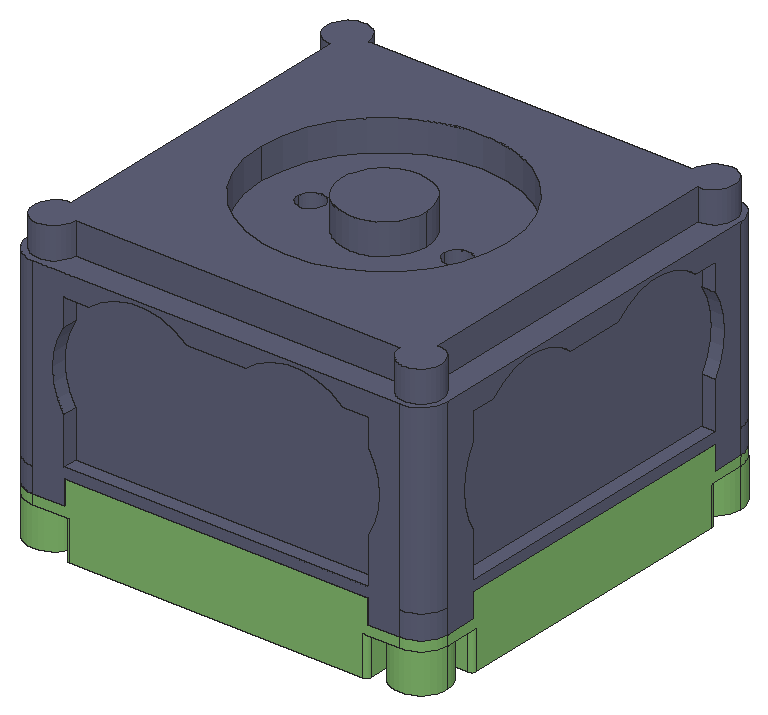
Revit family "E_Cable Junction Box_F_MEPcontent_Spelsberg_BS 1_INT-EN", category Electrical Fixtures, host Face, Revit 2017
Family settings
  Host = Face
  Maintain Annotation Orientation = Yes
  Round Connector Dimension = Use Diameter
  Part Type = Junction Box
  OmniClass Number = 23.80.30.14.24
  OmniClass Title = Junction Boxes
  Cut with Voids When Loaded = No
  Shared = No
  Room Calculation Point = No
Parameters (values of type "BS 1")
  Width = 86.000 mm
  Voltage = 230 V  # constant formula
  URL = ""
  Rotation W-Axis Total [instance] = [Rotation W-Axis Correction] + [Rotation W-Axis]  # 0.00°
  Rotation W-Axis Default Correction = 0.00°
  Rotation W-Axis Correction = 0.00°
  Rotation W-Axis [instance] = 0.00°
  Rotation V-Axis Total [instance] = [Rotation V-Axis Correction] + [Rotation V-Axis]  # 0.00°
  Rotation V-Axis Default Correction = 0.00°
  Rotation V-Axis Correction = 0.00°
  Rotation V-Axis [instance] = 0.00°
  Rotation U-Axis Total [instance] = [Rotation U-Axis Correction] + [Rotation U-Axis]  # 0.00°
  Rotation U-Axis Default Correction = 0.00°
  Rotation U-Axis Correction = 0.00°
  Rotation U-Axis [instance] = 0.00°
  Revit Version = "2017"  # constant formula
  Product Line = "Spelsberg"  # constant formula
  Power [instance] = 0 VA
  Placeholder Height = 59.100 mm
  Model = "BS 1"
  Manufacturer URL = "http://www.spelsberg.com/p/97400101"
  Manufacturer Art. No. = "97400101"
  Manufacturer = "Spelsberg"  # constant formula
  Length = 86.000 mm
  IFCExportType = "NOTDEFINED"  # constant formula
  IFCExportAs = "IfcJunctionBox"  # constant formula
  Height = 59.100 mm
  Green = Color RAL 6018
  ETIM Article Class = "EC002601"  # constant formula
  Description = "Equipment installation box BS 1"  # constant formula
  Default Elevation = 0.000 mm
  Cable Opening Diameter [instance] = 32.000 mm
  Cap Offset [instance] = 0.000 mm
  Blue = Color RAL 5013
  Article Type = "BS 1"
  Article Description = "Equipment installation box BS 1"  # constant formula
  3D Representation = 3DGeometry : 3DGeometry
Reference planes
  plane 1 "Center (Front/Back)": y = 0
  plane 2: z = 0
  plane 3 "Center (Left/Right)": x = 0
  plane 4: z = 24.5
  plane 5: x = -16
  plane 6: x = 16
  plane 7: y = 16
  plane 8: y = -16
  plane 9: y = -40
  plane 10: y = 40
  plane 11: x = -40
  plane 12: x = 40
Dimensions and locks
  locked: plane 4 to plane 2 at 24.5
  locked: plane 3 "Center (Left/Right)" to plane 5 at 16
  locked: plane 6 to plane 3 "Center (Left/Right)" at 16
  locked: plane 7 to plane 1 "Center (Front/Back)" at 16
  locked: plane 1 "Center (Front/Back)" to plane 8 at 16
  equal spacing: plane 11, plane 3 "Center (Left/Right)", plane 12
  equal spacing: plane 10, plane 1 "Center (Front/Back)", plane 9
  aligned and locked: plane 2 to host face
  aligned and locked: level to host face
Automatic sketch dimensions
  host sketch curve to host sketch curve = 2438.400 mm  (x2)
Nested families
  nested 1: "GeometryPlaceholder" at (0, 0, 0), Rotation v-axis <- "Rotation V-Axis Total", Rotation w-axis <- "Rotation W-Axis Total", Rotation u-axis <- "Rotation U-Axis Total", Height <- "Placeholder Height", type "GeometryPlaceholder", not visible
    with Width 10.000 mm, Rotation w-axis 0.00°, Rotation v-axis 0.00°, Rotation u-axis 0.00°, ModelBaseAngle 0.00°, Length 10.000 mm, Height 59.100 mm
  nested 2: "3DGeometry" at (0, 0, 0) x (1, 0, 0) z (0, 0, -1), Cap Offset <- "Cap Offset", type <- "3D Representation", type "3DGeometry"
    with Cap Offset Safe 0.000 mm, Cap Offset 0.000 mm, Cable Opening Diameter 32.000 mm
Connectors
  cabletrayconduit at (-16, -40, -24.5), diameter 32, driven by "Cable Opening Diameter"
    settings: on nested 2, index 1, connector width 300.000 mm, connector height 300.000 mm, connector angle 0.00°, system type 32, placement type 0, profile type 0, connector reference index -1, is primary connector yes, connector utility param no, connector description "Conduit Individual Connector1"
  cabletrayconduit at (16, -40, -24.5), diameter 32, driven by "Cable Opening Diameter"
    settings: on nested 2, index 2, connector width 300.000 mm, connector height 300.000 mm, connector angle 0.00°, system type 32, placement type 0, profile type 0, connector reference index -1, is primary connector no, connector utility param no, connector description "Conduit Individual Connector2"
  cabletrayconduit at (40, -16, -24.5), diameter 32, driven by "Cable Opening Diameter"
    settings: on nested 2, index 3, connector width 300.000 mm, connector height 300.000 mm, connector angle 0.00°, system type 32, placement type 0, profile type 0, connector reference index -1, is primary connector no, connector utility param no, connector description "Conduit Individual Connector3"
  cabletrayconduit at (40, 16, -24.5), diameter 32, driven by "Cable Opening Diameter"
    settings: on nested 2, index 4, connector width 300.000 mm, connector height 300.000 mm, connector angle 0.00°, system type 32, placement type 0, profile type 0, connector reference index -1, is primary connector no, connector utility param no, connector description "Conduit Individual Connector4"
  cabletrayconduit at (16, 40, -24.5), diameter 32, driven by "Cable Opening Diameter"
    settings: on nested 2, index 5, connector width 300.000 mm, connector height 300.000 mm, connector angle 0.00°, system type 32, placement type 0, profile type 0, connector reference index -1, is primary connector no, connector utility param no, connector description "Conduit Individual Connector5"
  cabletrayconduit at (-16, 40, -24.5), diameter 32, driven by "Cable Opening Diameter"
    settings: on nested 2, index 6, connector width 300.000 mm, connector height 300.000 mm, connector angle 0.00°, system type 32, placement type 0, profile type 0, connector reference index -1, is primary connector no, connector utility param no, connector description "Conduit Individual Connector6"
  cabletrayconduit at (-40, 16, -24.5), diameter 32, driven by "Cable Opening Diameter"
    settings: on nested 2, index 7, connector width 300.000 mm, connector height 300.000 mm, connector angle 0.00°, system type 32, placement type 0, profile type 0, connector reference index -1, is primary connector no, connector utility param no, connector description "Conduit Individual Connector7"
  cabletrayconduit at (-40, -16, -24.5), diameter 32, driven by "Cable Opening Diameter"
    settings: on nested 2, index 8, connector width 300.000 mm, connector height 300.000 mm, connector angle 0.00°, system type 32, placement type 0, profile type 0, connector reference index -1, is primary connector no, connector utility param no, connector description "Conduit Individual Connector8"
Definition of nested family "3DGeometry"
  Parameters (values of type "3DGeometry")
    Width = 86.000 mm
    Length = 86.000 mm
    Height = 59.100 mm
    Cap Offset Safe [instance] = if(Cap Offset < 0.000 mm, 0.000 mm, Cap Offset)  # 25.000 mm
    Cap Offset [instance] = 25.000 mm
    Blue = none
    Type Comments = "﻿﻿ ﻿ ﻿﻿﻿﻿﻿﻿             ﻿     ﻿                ﻿  ﻿  ﻿​     ​​  ​​   ​​   ﻿﻿     ​      ​​  ​​      ﻿    ﻿﻿        ﻿ ﻿          ﻿﻿"
    Keynote = "﻿﻿ ﻿ ﻿﻿﻿﻿﻿﻿             ﻿     ﻿                ﻿  ﻿  ﻿​     ​​  ​​   ​​   ﻿﻿     ​      ​​  ​​      ﻿    ﻿﻿        ﻿ ﻿          ﻿﻿"
    Green = none
    Cable Opening Diameter [instance] = 32.000 mm
    Description = "﻿﻿ ﻿ ﻿﻿﻿﻿﻿﻿             ﻿     ﻿                ﻿  ﻿  ﻿​     ​​  ​​   ​​   ﻿﻿     ​      ​​  ​​      ﻿    ﻿﻿        ﻿ ﻿          ﻿﻿"
    Default Elevation = 0.000 mm
    Assembly Code = "﻿﻿ ﻿ ﻿﻿﻿﻿﻿﻿             ﻿     ﻿                ﻿  ﻿  ﻿​     ​​  ​​   ​​   ﻿﻿     ​      ​​  ​​      ﻿    ﻿﻿        ﻿ ﻿          ﻿﻿"
  Reference planes
    plane 1 "Center (Front/Back)": y = 0
    plane 2: z = 0
    plane 3 "Center (Left/Right)": x = 0
    plane 4 "length left": x = -43
    plane 5 "length right": x = 43
    plane 6 "width back": y = 43
    plane 7 "width front": y = -43
    plane 8: z = 59.1
    plane 9 "connectors": z = 24.5
    plane 10 "lid": z = 69.1
    plane 11 "top box": z = 74.1
    plane 12: y = -40
    plane 13: x = 40
    plane 14: y = 40
    plane 15: x = -40
    plane 16: x = -16
    plane 17: x = 16
    plane 18: y = 16
    plane 19: y = -16
    plane 20: z = 76.1
    plane 21 "cap offset": z = 84.1
    plane 22 "fixed": z = 44.1
    plane 23: z = 49.1
    plane 24: z = 51.1
  Forms (mm)
    Extrusion 1, solid
      sketch origin (0, 0, 0) x (1, 0, 0) y (0, 1, 0)
        loop
          line (-1219.2, 1219.2) -> (-1219.2, -1219.2) -> (1219.2, -1219.2) -> (1219.2, 1219.2) -> (-1219.2, 1219.2)
      from 0 to -304.8
    Extrusion 2, solid, material <- "Blue", detail levels fine
      sketch origin (0, 0, 0) x (1, 0, 0) y (0, 1, 0)
        loop
          arc (-37.5, 43) -> (-41.389, 41.389) -> (-43, 37.5) r 5.5
          line (-43, 37.5) -> (-43, -37.5)
          arc (-43, -37.5) -> (-41.389, -41.389) -> (-37.5, -43) r 5.5
          line (-37.5, -43) -> (37.5, -43)
          arc (37.5, -43) -> (41.389, -41.389) -> (43, -37.5) r 5.5
          line (43, -37.5) -> (43, 37.5)
          arc (43, 37.5) -> (41.389, 41.389) -> (37.5, 43) r 5.5
          line (37.5, 43) -> (-37.5, 43)
      from 0 to 44.1
    Extrusion 3, void
      sketch origin (0, 0, 0) x (1, 0, 0) y (0, 1, 0)
        loop
          circle (15, 0) r 2.75
        loop
          circle (-15, 0) r 2.75
      from 6.372 to 11.691
    Extrusion 4, void
      sketch origin (0, 0, 0) x (1, 0, 0) y (0, 0, 1)
        loop
          line (-31.189, 42) -> (-31.189, 32.5)
          arc (-31.189, 32.5) -> (-33.5, 24.5) -> (-31.189, 16.5) r 15
          line (-31.189, 16.5) -> (-31.189, 10.82) -> (-26, 10.82)
          arc (-26, 10.82) -> (-16, 7) -> (-6, 10.82) r 15
          line (-6, 10.82) -> (6, 10.82)
          arc (6, 10.82) -> (16, 7) -> (26, 10.82) r 15
          line (26, 10.82) -> (31.189, 10.82) -> (31.189, 16.5)
          arc (31.189, 16.5) -> (33.5, 24.5) -> (31.189, 32.5) r 15
          line (31.189, 32.5) -> (31.189, 42) -> (-31.189, 42)
      from 40 to 43
    Extrusion 5, void
      sketch origin (0, 0, 0) x (1, 0, 0) y (0, 0, -1)
        loop
          line (-31.189, -42) -> (31.189, -42) -> (31.189, -32.5)
          arc (31.189, -32.5) -> (33.5, -24.5) -> (31.189, -16.5) r 15
          line (31.189, -16.5) -> (31.189, -10.82) -> (26, -10.82)
          arc (26, -10.82) -> (16, -7) -> (6, -10.82) r 15
          line (6, -10.82) -> (-6, -10.82)
          arc (-6, -10.82) -> (-16, -7) -> (-26, -10.82) r 15
          line (-26, -10.82) -> (-31.189, -10.82) -> (-31.189, -16.5)
          arc (-31.189, -16.5) -> (-33.5, -24.5) -> (-31.189, -32.5) r 15
          line (-31.189, -32.5) -> (-31.189, -42)
      from 40 to 43
    Extrusion 6, void
      sketch origin (0, 0, 0) x (0, 1, 0) y (0, 0, 1)
        loop
          line (31.189, 42) -> (-31.189, 42) -> (-31.189, 32.5)
          arc (-31.189, 32.5) -> (-33.5, 24.5) -> (-31.189, 16.5) r 15
          line (-31.189, 16.5) -> (-31.189, 10.82) -> (-26, 10.82)
          arc (-26, 10.82) -> (-16, 7) -> (-6, 10.82) r 15
          line (-6, 10.82) -> (6, 10.82)
          arc (6, 10.82) -> (16, 7) -> (26, 10.82) r 15
          line (26, 10.82) -> (31.189, 10.82) -> (31.189, 16.5)
          arc (31.189, 16.5) -> (33.5, 24.5) -> (31.189, 32.5) r 15
          line (31.189, 32.5) -> (31.189, 42)
      from 40 to 43
    Extrusion 7, void
      sketch origin (0, 0, 0) x (0, 1, 0) y (0, 0, -1)
        loop
          line (31.189, -42) -> (31.189, -32.5)
          arc (31.189, -32.5) -> (33.5, -24.5) -> (31.189, -16.5) r 15
          line (31.189, -16.5) -> (31.189, -10.82) -> (26, -10.82)
          arc (26, -10.82) -> (16, -7) -> (6, -10.82) r 15
          line (6, -10.82) -> (-6, -10.82)
          arc (-6, -10.82) -> (-16, -7) -> (-26, -10.82) r 15
          line (-26, -10.82) -> (-31.189, -10.82) -> (-31.189, -16.5)
          arc (-31.189, -16.5) -> (-33.5, -24.5) -> (-31.189, -32.5) r 15
          line (-31.189, -32.5) -> (-31.189, -42) -> (31.189, -42)
      from 40 to 43
    Extrusion 8, solid, material <- "Green", detail levels fine
      sketch origin (0, 0, 0) x (1, 0, 0) y (0, 1, 0)
        loop
          arc (-37.5, 43) -> (-41.389, 41.389) -> (-43, 37.5) r 5.5
          line (-43, 37.5) -> (-43, -37.5)
          arc (-43, -37.5) -> (-41.389, -41.389) -> (-37.5, -43) r 5.5
          line (-37.5, -43) -> (37.5, -43)
          arc (37.5, -43) -> (41.389, -41.389) -> (43, -37.5) r 5.5
          line (43, -37.5) -> (43, 37.5)
          arc (43, 37.5) -> (41.389, 41.389) -> (37.5, 43) r 5.5
          line (37.5, 43) -> (-37.5, 43)
      from 69.1 to 76.1
    Extrusion 9, void
      sketch origin (0, 0, 0) x (1, 0, 0) y (0, 1, 0)
        loop
          line (-33.25, -37.5) -> (33.25, -37.5)
          arc (33.25, -37.5) -> (40.505, -40.505) -> (37.5, -33.25) r 4.25
          line (37.5, -33.25) -> (37.5, 33.25)
          arc (37.5, 33.25) -> (40.505, 40.505) -> (33.25, 37.5) r 4.25
          line (33.25, 37.5) -> (-33.25, 37.5)
          arc (-33.25, 37.5) -> (-40.505, 40.505) -> (-37.5, 33.25) r 4.25
          line (-37.5, 33.25) -> (-37.5, -33.25)
          arc (-37.5, -33.25) -> (-40.505, -40.505) -> (-33.25, -37.5) r 4.25
        loop
          line (-48, 48) -> (-48, -48) -> (48, -48) -> (48, 48) -> (-48, 48)
        loop
          circle (0, 0) r 25.25
        loop
          circle (0, 0) r 8.75
      from 0 to 6.372
    Extrusion 10, void
      sketch origin (0, 0, 0) x (1, 0, 0) y (0, 1, 0)
        loop
          line (-46, 46) -> (-46, 31) -> (-36, 31)
          arc (-36, 31) -> (-32.464, 32.464) -> (-31, 36) r 5
          line (-31, 36) -> (-31, 46) -> (-46, 46)
        loop
          line (46, 46) -> (31, 46) -> (31, 36)
          arc (31, 36) -> (32.464, 32.464) -> (36, 31) r 5
          line (36, 31) -> (46, 31) -> (46, 46)
        loop
          line (-46, -46) -> (-31, -46) -> (-31, -36)
          arc (-31, -36) -> (-32.464, -32.464) -> (-36, -31) r 5
          line (-36, -31) -> (-46, -31) -> (-46, -46)
        loop
          line (46, -46) -> (46, -31) -> (36, -31)
          arc (36, -31) -> (32.464, -32.464) -> (31, -36) r 5
          line (31, -36) -> (31, -46) -> (46, -46)
      from 69.1 to 74.1
    Extrusion 11, solid, material <- "Blue", detail levels fine
      sketch origin (0, 0, 0) x (1, 0, 0) y (0, 1, 0)
        loop
          arc (-37.5, 43) -> (-41.389, 41.389) -> (-43, 37.5) r 5.5
          line (-43, 37.5) -> (-43, 31) -> (-36, 31)
          arc (-36, 31) -> (-32.464, 32.464) -> (-31, 36) r 5
          line (-31, 36) -> (-31, 43) -> (-37.5, 43)
        loop
          line (37.5, 43) -> (31, 43) -> (31, 36)
          arc (31, 36) -> (32.464, 32.464) -> (36, 31) r 5
          line (36, 31) -> (43, 31) -> (43, 37.5)
          arc (43, 37.5) -> (41.389, 41.389) -> (37.5, 43) r 5.5
        loop
          line (-37.5, -43) -> (-31, -43) -> (-31, -36)
          arc (-31, -36) -> (-32.464, -32.464) -> (-36, -31) r 5
          line (-36, -31) -> (-43, -31) -> (-43, -37.5)
          arc (-43, -37.5) -> (-41.389, -41.389) -> (-37.5, -43) r 5.5
        loop
          arc (37.5, -43) -> (41.389, -41.389) -> (43, -37.5) r 5.5
          line (43, -37.5) -> (43, -31) -> (36, -31)
          arc (36, -31) -> (32.464, -32.464) -> (31, -36) r 5
          line (31, -36) -> (31, -43) -> (37.5, -43)
      from 44.1 to 49.1
    Extrusion 12, solid, material <- "Green", detail levels fine
      sketch origin (0, 0, 0) x (1, 0, 0) y (0, 1, 0)
        loop
          arc (-30, 43) -> (-30.707, 42.707) -> (-31, 42) r 1
          line (-31, 42) -> (-31, 36)
          arc (-31, 36) -> (-32.464, 32.464) -> (-36, 31) r 5
          line (-36, 31) -> (-42, 31)
          arc (-42, 31) -> (-42.707, 30.707) -> (-43, 30) r 1
          line (-43, 30) -> (-43, -30)
          arc (-43, -30) -> (-42.707, -30.707) -> (-42, -31) r 1
          line (-42, -31) -> (-36, -31)
          arc (-36, -31) -> (-32.464, -32.464) -> (-31, -36) r 5
          line (-31, -36) -> (-31, -42)
          arc (-31, -42) -> (-30.707, -42.707) -> (-30, -43) r 1
          line (-30, -43) -> (30, -43)
          arc (30, -43) -> (30.707, -42.707) -> (31, -42) r 1
          line (31, -42) -> (31, -36)
          arc (31, -36) -> (32.464, -32.464) -> (36, -31) r 5
          line (36, -31) -> (42, -31)
          arc (42, -31) -> (42.707, -30.707) -> (43, -30) r 1
          line (43, -30) -> (43, 30)
          arc (43, 30) -> (42.707, 30.707) -> (42, 31) r 1
          line (42, 31) -> (36, 31)
          arc (36, 31) -> (32.464, 32.464) -> (31, 36) r 5
          line (31, 36) -> (31, 42)
          arc (31, 42) -> (30.707, 42.707) -> (30, 43) r 1
          line (30, 43) -> (-30, 43)
        loop
          circle (-37.5, 37.5) r 4.25
        loop
          circle (-37.5, 37.5) r 5.5
        loop
          circle (37.5, 37.5) r 4.25
        loop
          circle (37.5, 37.5) r 5.5
        loop
          circle (-37.5, -37.5) r 4.25
        loop
          circle (-37.5, -37.5) r 5.5
        loop
          circle (37.5, -37.5) r 4.25
        loop
          circle (37.5, -37.5) r 5.5
        loop
          circle (0, 0) r 12.5
        loop
          circle (-21, 21) r 4
      from 76.1 to 84.1
    Extrusion 13, solid, not visible, detail levels coarse+medium
      sketch origin (0, 0, 0) x (1, 0, 0) y (0, 0, 1)
        loop
          circle (-16, 24.5) r 5
        loop
          circle (16, 24.5) r 5
      from 37.5 to 40
    Extrusion 14, solid, not visible, detail levels coarse+medium
      sketch origin (0, 0, 0) x (1, 0, 0) y (0, 0, 1)
        loop
          circle (-16, 24.5) r 5
        loop
          circle (16, 24.5) r 5
      from -40 to -37.5
    Extrusion 15, solid, not visible, detail levels coarse+medium
      sketch origin (0, 0, 0) x (0, 1, 0) y (0, 0, 1)
        loop
          circle (16, 24.5) r 5
        loop
          circle (-16, 24.5) r 5
      from -40 to -37.5
    Extrusion 16, solid, not visible, detail levels coarse+medium
      sketch origin (0, 0, 0) x (0, 1, 0) y (0, 0, 1)
        loop
          circle (16, 24.5) r 5
        loop
          circle (-16, 24.5) r 5
      from 37.5 to 40
    Extrusion 17, solid, detail levels coarse+medium
      sketch origin (0, 0, 0) x (1, 0, 0) y (0, 1, 0)
        loop
          arc (-37.5, 43) -> (-41.389, 41.389) -> (-43, 37.5) r 5.5
          line (-43, 37.5) -> (-43, -37.5)
          arc (-43, -37.5) -> (-41.389, -41.389) -> (-37.5, -43) r 5.5
          line (-37.5, -43) -> (37.5, -43)
          arc (37.5, -43) -> (41.389, -41.389) -> (43, -37.5) r 5.5
          line (43, -37.5) -> (43, 37.5)
          arc (43, 37.5) -> (41.389, 41.389) -> (37.5, 43) r 5.5
          line (37.5, 43) -> (-37.5, 43)
      from 0 to 44.1
    Extrusion 18, solid, detail levels coarse+medium
      sketch origin (0, 0, 0) x (1, 0, 0) y (0, 1, 0)
        loop
          arc (-37.5, 43) -> (-41.389, 41.389) -> (-43, 37.5) r 5.5
          line (-43, 37.5) -> (-43, -37.5)
          arc (-43, -37.5) -> (-41.389, -41.389) -> (-37.5, -43) r 5.5
          line (-37.5, -43) -> (37.5, -43)
          arc (37.5, -43) -> (41.389, -41.389) -> (43, -37.5) r 5.5
          line (43, -37.5) -> (43, 37.5)
          arc (43, 37.5) -> (41.389, 41.389) -> (37.5, 43) r 5.5
          line (37.5, 43) -> (-37.5, 43)
      from 69.1 to 84.1
  Cuts and joins
    Extrusion 3, Extrusion 4, Extrusion 5, Extrusion 6, Extrusion 7, Extrusion 9 cuts Extrusion 2
    Extrusion 6 cuts Extrusion 11
    joined: Extrusion 2, Extrusion 11
    Extrusion 10 cuts Extrusion 8
    joined: Extrusion 8, Extrusion 12
    Extrusion 4, Extrusion 5, Extrusion 6, Extrusion 7, Extrusion 9 cuts Extrusion 17
  Dimensions and locks
    equal spacing: plane 4 "length left", plane 3 "Center (Left/Right)", plane 5 "length right"
    equal spacing: plane 6 "width back", plane 1 "Center (Front/Back)", plane 7 "width front"
    plane 9 "connectors" to plane 2 = 24.500 mm
    "Length": plane 4 "length left" to plane 5 "length right"
    "Width": plane 6 "width back" to plane 7 "width front"
    "Height": plane 8 to plane 2
    plane 11 "top box" to plane 10 "lid" = 5.000 mm
    Extrusion 9 sketch curve to plane 3 "Center (Left/Right)" = 37.500 mm
    plane 1 "Center (Front/Back)" to Extrusion 9 sketch curve = 37.500 mm
    plane 7 "width front" to Extrusion 9 sketch curve = 5.000 mm
    Extrusion 9 sketch curve to plane 4 "length left" = 5.000 mm
    plane 5 "length right" to Extrusion 9 sketch curve = 5.000 mm
    Extrusion 9 sketch curve to plane 6 "width back" = 5.000 mm
    equal spacing: Extrusion 4 sketch curve, plane 3 "Center (Left/Right)", Extrusion 4 sketch curve  (x2)
    equal spacing: Extrusion 6 sketch curve, plane 1 "Center (Front/Back)", Extrusion 6 sketch curve  (x2)
    equal spacing: Extrusion 7 sketch curve, plane 1 "Center (Front/Back)", Extrusion 7 sketch curve  (x2)
    equal spacing: Extrusion 5 sketch curve, plane 3 "Center (Left/Right)", Extrusion 5 sketch curve  (x2)
    equal spacing: Extrusion 3 sketch curve, plane 3 "Center (Left/Right)", Extrusion 3 sketch curve
    Extrusion 3 sketch curve to Extrusion 3 sketch curve = 30.000 mm
    plane 4 "length left" to Extrusion 10 sketch curve = 12.000 mm
    plane 6 "width back" to Extrusion 10 sketch curve = 12.000 mm
    plane 3 "Center (Left/Right)" to Extrusion 4 sketch curve = 16.000 mm
    Extrusion 4 sketch curve to plane 3 "Center (Left/Right)" = 16.000 mm
    Extrusion 7 sketch curve to plane 1 "Center (Front/Back)" = 16.000 mm
    plane 1 "Center (Front/Back)" to Extrusion 7 sketch curve = 16.000 mm
    Extrusion 5 sketch curve to plane 3 "Center (Left/Right)" = 16.000 mm
    plane 3 "Center (Left/Right)" to Extrusion 5 sketch curve = 16.000 mm
    Extrusion 6 sketch curve to plane 1 "Center (Front/Back)" = 16.000 mm
    plane 1 "Center (Front/Back)" to Extrusion 6 sketch curve = 16.000 mm
    locked: plane 12 to plane 7 "width front" at 3
    locked: plane 4 "length left" to plane 15 at 3
    locked: plane 6 "width back" to plane 14 at 3
    locked: plane 13 to plane 5 "length right" at 3
    plane 17 to plane 3 "Center (Left/Right)" to plane 16 = 16.000 mm, 16.000 mm
    plane 18 to plane 1 "Center (Front/Back)" to plane 19 = 16.000 mm, 16.000 mm
    plane 20 to plane 11 "top box" = 2.000 mm
    "Cap Offset Safe": plane 21 "cap offset" to plane 8
    locked: plane 21 "cap offset" to plane 10 "lid" at 15
    locked: plane 23 to plane 22 "fixed" at 5
    locked: plane 24 to plane 23 at 2
    locked: plane 22 "fixed" to Extrusion 4 sketch curve at 2.1
    locked: plane 22 "fixed" to Extrusion 5 sketch curve at 2.1
    locked: plane 22 "fixed" to Extrusion 6 sketch curve at 2.1
    locked: plane 22 "fixed" to Extrusion 7 sketch curve at 2.1
    radius of Extrusion 4 sketch curve = 15.000 mm  (x4)
    radius of Extrusion 6 sketch curve = 15.000 mm  (x4)
    radius of Extrusion 7 sketch curve = 15.000 mm  (x4)
    radius of Extrusion 5 sketch curve = 15.000 mm  (x4)
    diameter of Extrusion 9 sketch curve = 50.500 mm
    diameter of Extrusion 9 sketch curve = 17.500 mm
    diameter of Extrusion 3 sketch curve = 5.500 mm
    aligned and locked: plane 2 to Extrusion 1
    aligned and locked: level to Extrusion 1
    aligned and locked: Extrusion 2 sketch curve to plane 6 "width back"
    aligned and locked: plane 4 "length left" to Extrusion 2 sketch curve
    aligned and locked: plane 7 "width front" to Extrusion 2 sketch curve
    aligned and locked: Extrusion 2 sketch curve to plane 5 "length right"
    aligned and locked: plane 1 "Center (Front/Back)" to Extrusion 3 sketch curve
    aligned and locked: Extrusion 2 to level
    aligned and locked: plane 5 "length right" to Extrusion 6
    aligned and locked: plane 10 "lid" to Extrusion 8
    aligned and locked: plane 10 "lid" to Extrusion 10
    aligned and locked: Extrusion 10 to plane 11 "top box"
    aligned and locked: plane 12 to cut or joined group 1 (Extrusion 2, Extrusion 3, Extrusion 4, Extrusion 5, Extrusion 6, Extrusion 7, Extrusion 9, Extrusion 11)
    aligned and locked: plane 14 to cut or joined group 1
    aligned and locked: cut or joined group 1 to plane 15
    aligned and locked: cut or joined group 1 to plane 13
    aligned and locked: cut or joined group of Extrusion 8, Extrusion 10, Extrusion 12 to plane 20
    aligned and locked: plane 16 to Extrusion 13 sketch curve
    aligned and locked: plane 9 "connectors" to Extrusion 13 sketch curve  (x2)
    aligned and locked: plane 17 to Extrusion 13 sketch curve
    aligned and locked: plane 16 to Extrusion 14 sketch curve
    aligned and locked: plane 9 "connectors" to Extrusion 14 sketch curve  (x2)
    aligned and locked: plane 17 to Extrusion 14 sketch curve
    aligned and locked: plane 18 to Extrusion 15 sketch curve
    aligned and locked: plane 9 "connectors" to Extrusion 15 sketch curve  (x2)
    aligned and locked: plane 19 to Extrusion 15 sketch curve
    aligned and locked: plane 18 to Extrusion 16 sketch curve
    aligned and locked: plane 9 "connectors" to Extrusion 16 sketch curve  (x2)
    aligned and locked: plane 19 to Extrusion 16 sketch curve
    aligned and locked: Extrusion 17 to plane 2
    aligned and locked: plane 20 to cut or joined group of Extrusion 8, Extrusion 10, Extrusion 12
    aligned and locked: cut or joined group of Extrusion 8, Extrusion 10, Extrusion 12 to plane 21 "cap offset"
    aligned and locked: plane 22 "fixed" to Extrusion 17
    aligned and locked: Extrusion 2 to cut or joined group of Extrusion 4, Extrusion 5, Extrusion 6, Extrusion 7, Extrusion 9, Extrusion 17
    aligned and locked: cut or joined group 1 to plane 22 "fixed"
    aligned and locked: plane 23 to cut or joined group 1
    aligned and locked: Extrusion 18 to plane 21 "cap offset"
    aligned and locked: plane 10 "lid" to Extrusion 18
  Automatic sketch dimensions
    Extrusion 1 sketch curve to Extrusion 1 sketch curve = 2438.400 mm  (x2)
    plane 1 "Center (Front/Back)" to Extrusion 3 sketch curve = 0.000 mm
    plane 15 to Extrusion 2 sketch curve = 2.500 mm
    Extrusion 2 sketch curve to plane 14 = 2.500 mm
    Extrusion 2 sketch curve to plane 13 = 2.500 mm  (x2)
    Extrusion 4 sketch curve to plane 9 "connectors" = 0.000 mm  (x2)
    Extrusion 4 sketch curve to plane 16 = 2.500 mm
    Extrusion 4 sketch curve to plane 16 = 10.000 mm
    Extrusion 4 sketch curve to Extrusion 4 sketch curve = 5.189 mm  (x2)
    plane 4 "length left" to Extrusion 4 sketch curve = 11.811 mm
    Extrusion 4 sketch curve to plane 3 "Center (Left/Right)" = 6.000 mm
    plane 17 to Extrusion 4 sketch curve = 2.500 mm
    Extrusion 5 sketch curve to plane 9 "connectors" = 0.000 mm  (x2)
    Extrusion 5 sketch curve to plane 16 = 2.500 mm
    Extrusion 5 sketch curve to plane 16 = 10.000 mm
    Extrusion 5 sketch curve to Extrusion 5 sketch curve = 5.189 mm  (x2)
    plane 4 "length left" to Extrusion 5 sketch curve = 11.811 mm
    Extrusion 5 sketch curve to plane 3 "Center (Left/Right)" = 6.000 mm
    plane 17 to Extrusion 5 sketch curve = 2.500 mm
    Extrusion 6 sketch curve to plane 9 "connectors" = 0.000 mm  (x2)
    plane 19 to Extrusion 6 sketch curve = 2.500 mm
    plane 19 to Extrusion 6 sketch curve = 10.000 mm
    Extrusion 6 sketch curve to Extrusion 6 sketch curve = 5.189 mm  (x2)
    plane 9 "connectors" to Extrusion 6 sketch curve = 8.000 mm
    plane 1 "Center (Front/Back)" to Extrusion 6 sketch curve = 6.000 mm
    Extrusion 6 sketch curve to plane 18 = 2.500 mm
    level to Extrusion 6 sketch curve = 10.820 mm
    Extrusion 7 sketch curve to plane 9 "connectors" = 0.000 mm  (x2)
    plane 19 to Extrusion 7 sketch curve = 2.500 mm
    plane 19 to Extrusion 7 sketch curve = 10.000 mm
    Extrusion 7 sketch curve to Extrusion 7 sketch curve = 5.189 mm  (x2)
    plane 9 "connectors" to Extrusion 7 sketch curve = 8.000 mm
    plane 1 "Center (Front/Back)" to Extrusion 7 sketch curve = 6.000 mm
    Extrusion 7 sketch curve to plane 18 = 2.500 mm
    Extrusion 8 sketch curve to plane 4 "length left" = 0.000 mm
    Extrusion 8 sketch curve to plane 7 "width front" = 0.000 mm
    Extrusion 8 sketch curve to plane 6 "width back" = 0.000 mm
    Extrusion 8 sketch curve to plane 5 "length right" = 0.000 mm
    plane 15 to Extrusion 8 sketch curve = 2.500 mm
    Extrusion 8 sketch curve to plane 14 = 2.500 mm
    plane 12 to Extrusion 8 sketch curve = 2.500 mm
    Extrusion 8 sketch curve to plane 13 = 2.500 mm
    Extrusion 9 sketch curve to Extrusion 9 sketch curve = 0.000 mm  (x2)
    plane 1 "Center (Front/Back)" to Extrusion 9 sketch curve = 0.000 mm
    Extrusion 9 sketch curve to plane 3 "Center (Left/Right)" = 0.000 mm
    Extrusion 9 sketch curve to Extrusion 9 sketch curve = 4.250 mm  (x2)
    Extrusion 9 sketch curve to plane 13 = 6.750 mm  (x2)
    Extrusion 9 sketch curve to plane 13 = 2.500 mm
    plane 12 to Extrusion 9 sketch curve = 2.500 mm
    plane 15 to Extrusion 10 sketch curve = 9.000 mm
    plane 15 to Extrusion 10 sketch curve = 4.000 mm  (x2)
    Extrusion 10 sketch curve to plane 4 "length left" = 3.000 mm  (x2)
    plane 6 "width back" to Extrusion 10 sketch curve = 3.000 mm  (x2)
    Extrusion 10 sketch curve to plane 13 = 9.000 mm  (x2)
    Extrusion 10 sketch curve to plane 7 "width front" = 3.000 mm  (x2)
    Extrusion 10 sketch curve to plane 13 = 4.000 mm  (x2)
    plane 5 "length right" to Extrusion 10 sketch curve = 3.000 mm  (x2)
    plane 12 to Extrusion 10 sketch curve = 4.000 mm  (x2)
    Extrusion 10 sketch curve to plane 14 = 9.000 mm
    Extrusion 11 sketch curve to plane 4 "length left" = 0.000 mm  (x2)
    Extrusion 11 sketch curve to plane 6 "width back" = 0.000 mm  (x2)
    Extrusion 11 sketch curve to plane 7 "width front" = 0.000 mm  (x2)
    Extrusion 11 sketch curve to plane 5 "length right" = 0.000 mm  (x2)
    Extrusion 11 sketch curve to plane 14 = 2.500 mm
    plane 12 to Extrusion 11 sketch curve = 2.500 mm
    plane 15 to Extrusion 11 sketch curve = 4.000 mm
    Extrusion 11 sketch curve to Extrusion 11 sketch curve = 1.500 mm  (x3)
    Extrusion 11 sketch curve to Extrusion 11 sketch curve = 6.500 mm  (x4)
    Extrusion 11 sketch curve to plane 13 = 9.000 mm  (x2)
    Extrusion 11 sketch curve to plane 13 = 4.000 mm  (x2)
    Extrusion 11 sketch curve to plane 13 = 2.500 mm
    plane 12 to Extrusion 11 sketch curve = 4.000 mm
    Extrusion 17 sketch curve to plane 4 "length left" = 0.000 mm
    Extrusion 17 sketch curve to plane 7 "width front" = 0.000 mm
    Extrusion 17 sketch curve to plane 6 "width back" = 0.000 mm
    Extrusion 17 sketch curve to plane 5 "length right" = 0.000 mm
    plane 15 to Extrusion 17 sketch curve = 2.500 mm
    Extrusion 17 sketch curve to plane 14 = 2.500 mm
    Extrusion 17 sketch curve to plane 13 = 2.500 mm
    plane 12 to Extrusion 17 sketch curve = 2.500 mm
    plane 3 "Center (Left/Right)" to Extrusion 4 sketch curve = 6.000 mm
    level to Extrusion 4 sketch curve = 10.820 mm
    plane 3 "Center (Left/Right)" to Extrusion 5 sketch curve = 6.000 mm
    Extrusion 5 sketch curve to plane 9 "connectors" = 2.500 mm
    Extrusion 6 sketch curve to plane 1 "Center (Front/Back)" = 6.000 mm
    Extrusion 7 sketch curve to plane 1 "Center (Front/Back)" = 6.000 mm
    Extrusion 7 sketch curve to plane 9 "connectors" = 2.500 mm
    Extrusion 18 sketch curve to plane 4 "length left" = 0.000 mm
    Extrusion 18 sketch curve to plane 7 "width front" = 0.000 mm
    Extrusion 18 sketch curve to plane 6 "width back" = 0.000 mm
    Extrusion 18 sketch curve to plane 5 "length right" = 0.000 mm
    plane 15 to Extrusion 18 sketch curve = 2.500 mm
    Extrusion 18 sketch curve to plane 14 = 2.500 mm
    Extrusion 18 sketch curve to plane 13 = 2.500 mm
    plane 12 to Extrusion 18 sketch curve = 2.500 mm
    Extrusion 12 sketch curve to Extrusion 12 sketch curve = 0.000 mm  (x8)
    Extrusion 12 sketch curve to plane 4 "length left" = 0.000 mm
    Extrusion 12 sketch curve to plane 6 "width back" = 0.000 mm
    Extrusion 12 sketch curve to plane 7 "width front" = 0.000 mm
    Extrusion 12 sketch curve to plane 5 "length right" = 0.000 mm
    Extrusion 12 sketch curve to Extrusion 12 sketch curve = 1.000 mm  (x4)
    plane 15 to Extrusion 12 sketch curve = 2.500 mm  (x2)
    Extrusion 12 sketch curve to Extrusion 12 sketch curve = 1.500 mm  (x7)
    Extrusion 12 sketch curve to Extrusion 12 sketch curve = 5.000 mm  (x2)
    Extrusion 12 sketch curve to plane 6 "width back" = 1.000 mm  (x2)
    Extrusion 12 sketch curve to plane 13 = 4.000 mm  (x2)
    Extrusion 12 sketch curve to plane 5 "length right" = 1.000 mm
    plane 12 to Extrusion 12 sketch curve = 2.500 mm  (x2)
    Extrusion 12 sketch curve to plane 18 = 5.000 mm
    plane 7 "width front" to Extrusion 12 sketch curve = 1.000 mm
    Extrusion 12 sketch curve to plane 13 = 10.000 mm
    Extrusion 12 sketch curve to Extrusion 12 sketch curve = 6.000 mm
    plane 12 to Extrusion 12 sketch curve = 4.000 mm
    Extrusion 12 sketch curve to plane 14 = 10.000 mm  (x2)
    Extrusion 12 sketch curve to plane 16 = 5.000 mm
    plane 1 "Center (Front/Back)" to Extrusion 12 sketch curve = 0.000 mm
    Extrusion 12 sketch curve to plane 3 "Center (Left/Right)" = 0.000 mm
    radius of Extrusion 3 sketch curve = 2.750 mm
    radius of Extrusion 13 sketch curve = 5.000 mm  (x2)
    radius of Extrusion 14 sketch curve = 5.000 mm  (x2)
    radius of Extrusion 15 sketch curve = 5.000 mm  (x2)
    radius of Extrusion 16 sketch curve = 5.000 mm  (x2)
    radius of Extrusion 12 sketch curve = 4.250 mm  (x4)
    radius of Extrusion 12 sketch curve = 5.500 mm  (x4)
    radius of Extrusion 12 sketch curve = 12.500 mm
    radius of Extrusion 12 sketch curve = 4.000 mm
